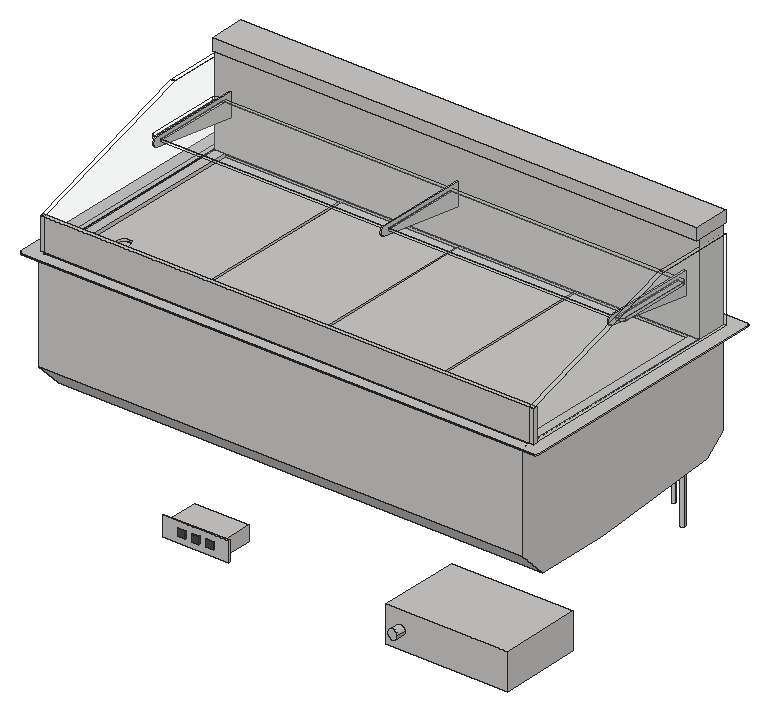
Revit family "QF_ELECTROLUXPROFESSIONAL_341106_D13R4", category Specialty Equipment, Revit 2018
Family settings
  Round Connector Dimension = Use Diameter
  Part Type = Normal
  Work Plane-Based = No
  Always vertical = Yes
  Cut with Voids When Loaded = No
  Shared = No
  Room Calculation Point = No
Parameters (values of type "341052.rfa")
  Weight = 85.20 kg
  Watts = 0 W
  Volts = 0 V
  URL Manufacturer = ""
  URL = ""
  Steam Supply Size = 0 mm
  Steam Supply Minimum Pressure = 0.0 Pa
  Steam Supply Maximum Pressure = 0.0 Pa
  Steam Pounds per Hour = 0
  Show Clearance [instance] = yes
  Remote Electrical Box_Z [instance] = 200.00 mm
  Remote Electrical Box_Y [instance] = 500.00 mm
  Remote Electrical Box_X [instance] = 1000.00 mm
  Refrigeration Suction Line Size = 0.042 mm
  Refrigeration Liquid Line Size = 0.031 mm
  Refrigerant Compressor Remote = yes
  Manufacturer = ""
  Phase = 0
  Model = ""
  Length Actual = 1450.00 mm  # constant formula
  Item Number = ""
  Hot Water Size = 0 mm
  Height Actual = 670.00 mm  # constant formula
  HP = "0.1 HP"
  Gas Size = 0 mm
  Gas KW = 0
  Gas Input Pressure = 0 W
  Direct Waste Size = 25.4 mm
  Description = ""
  Depth Actual = 750.00 mm  # constant formula
  Cycle = 0 Hz
  Controller_Y [instance] = 500.00 mm
  Controller_1Z [instance] = 200.00 mm
  Controller_1X [instance] = 300.00 mm
  Condensate Return Size = 0 mm
  Compressed Air Volume = 0.0 L/s
  Compressed Air Size = 0 mm
  Compressed Air Pressure = 0.0 Pa
  Cold Water Size = 0 mm
  Accessory = yes
Types (2, lengths in mm): name | Volts | URL Manufacturer | URL | Manufacturer | Phase | Model | Item Number | Description | Cycle
  341052.rfa | 0 V | "" | "" | "" | 0 | "" | "" | "" | 0 Hz
  Standard | 220 V | "http://professional.electrolux.com" | "http://professional.electrolux.com" | "Electrolux Professional" | 1 | "D13R4" | "341106" | "DROP-IN REMOTE, REFRIGERATED WELL, VENTILATED, 1 REF.SHELF AND 1 NEUTRAL SHELF, 4GN" | 50 Hz
Reference planes
  plane 1 "Centro (Fronte/Retro)": y = 74.737
  plane 2: z = 0
  plane 3 "BACK": y = 449.737
  plane 4 "FRONT": y = -300.263
  plane 5 "RIGHT": x = 210.731
  plane 6 "LEFT": x = -1239.269
  plane 7: x = -514.269
  plane 8 "TOP": z = 900
  plane 9: y = 417.737
  plane 10: y = -268.263
  plane 11: x = 136.731
  plane 12: x = -1165.269
  plane 13: y = 412.237
  plane 14: y = -269.483
  plane 15: x = -1213.269
  plane 16: x = 184.731
  plane 17: z = 898
  plane 18: x = -614.269
  plane 19: x = 85.731
  plane 20: x = -602.269
  plane 21: x = 73.731
  plane 22: x = -517.269
  plane 23: x = -511.269
  plane 24: x = -1205.269
  plane 25: x = 176.731
  plane 26: z = 554
  plane 27: z = 220
  plane 28: z = 1041
  plane 29: z = 1049
  plane 30: y = 308.954
  plane 31: y = 83.954
  plane 32: x = -1175.269
  plane 33: x = 146.731
  plane 34: x = -1153.269
  plane 35: x = -1149.269
  plane 36: x = 120.731
  plane 37: x = 124.731
  plane 38: x = -516.269
  plane 39: x = -512.269
  plane 40: x = -516.269
  plane 41: x = -512.269
  plane 42: y = -195.263
  plane 43: y = 344.737
  plane 44: x = 164.231
  plane 45: x = -1192.769
  plane 46 "1": y = -109.263
  plane 47: x = -939.269
  plane 48: x = -239.269
  plane 49: y = -50.263
  plane 50: y = -50.263
  plane 51: z = 200
  plane 52: z = 200
Forms (mm)
  Extrusion 1, solid, material "QF_Finishes_Stainless Steel"
    sketch origin (0, 0, 900) x (-1, 0, 0) y (0, -1, 0)
      loop
        arc (1229.269, -449.737) -> (1236.34, -446.808) -> (1239.269, -439.737) r 10
        line (1239.269, -439.737) -> (1239.269, 290.263)
        arc (1239.269, 290.263) -> (1236.34, 297.334) -> (1229.269, 300.263) r 10
        line (1229.269, 300.263) -> (-200.731, 300.263)
        arc (-200.731, 300.263) -> (-207.802, 297.334) -> (-210.731, 290.263) r 10
        line (-210.731, 290.263) -> (-210.731, -439.737)
        arc (-210.731, -439.737) -> (-207.802, -446.808) -> (-200.731, -449.737) r 10
        line (-200.731, -449.737) -> (1229.269, -449.737)
      loop
        line (1192.769, -412.237) -> (1192.769, 269.483) -> (-164.231, 269.483) -> (-164.231, -412.237) -> (1192.769, -412.237)
    from 0 to -2
  Extrusion 2, solid, material "QF_Finishes_Stainless Steel"
    sketch origin (231.731, 362.737, 0) x (0, -1, 0) y (0, 0, -1)
      loop
        line (650.5, -623.82) -> (580.68, -554) -> (371.981, -554) -> (6.32, -585.991) -> (-49.5, -632.83) -> (-49.5, -898) -> (650.5, -898) -> (650.5, -623.82)
    from -1424.5 to -67.5
  Extrusion 3, solid, material "QF_Finishes_Stainless Steel"
    sketch origin (231.731, 362.737, 0) x (0, -1, 0) y (0, 0, -1)
      loop
        line (-48.737, -1150.8) -> (32.063, -1150.8) -> (32.063, -898) -> (-48.737, -898) -> (-48.737, -1150.8)
    from -1424.5 to -67.5
  Extrusion 4, void
    sketch origin (0, 0, 900) x (-1, 0, 0) y (0, -1, 0)
      loop
        line (1165.269, 205.526) -> (-136.731, 205.526) -> (-136.731, -330.674) -> (1165.269, -330.674) -> (1165.269, 205.526)
    from 0 to -15
  Extrusion 5, solid, material "QF_Finishes_Stainless Steel"
    sketch origin (231.731, 362.737, 0) x (0, -1, 0) y (0, 0, -1)
      loop
        line (41.663, -1182.5) -> (41.663, -1150.8) -> (-58.337, -1150.8) -> (-58.337, -1182.5) -> (41.663, -1182.5)
    from -1424.5 to -67.5
  Extrusion 6, solid, material "QF_Finishes_Glass"
    sketch origin (231.731, 362.737, 0) x (0, -1, 0) y (0, 0, -1)
      loop
        line (628.263, -989.8) -> (628.263, -900) -> (-48.737, -900) -> (-48.737, -1130.8) -> (171.263, -1130.8) -> (628.263, -989.8)
    from -67.5 to -55
  Extrusion 7, solid, material "QF_Finishes_Glass"
    sketch origin (-1260.269, 362.737, 0) x (0, -1, 0) y (0, 0, 1)
      loop
        line (628.263, 989.8) -> (171.263, 1130.8) -> (-48.737, 1130.8) -> (-48.737, 900) -> (628.263, 900) -> (628.263, 989.8)
    from -67.5 to -55
  Extrusion 8, solid, material "QF_Finishes_Stainless Steel"
    sketch origin (231.731, 362.737, 0) x (0, -1, 0) y (0, 0, -1)
      loop
        line (628.263, -900) -> (618.263, -900) -> (618.263, -989.8) -> (628.263, -989.8) -> (628.263, -900)
    from -1437 to -55
  Extrusion 9, solid, material "QF_Finishes_Stainless Steel"
    sketch origin (231.731, 362.737, 0) x (0, -1, 0) y (0, 0, -1)
      loop
        line (32.063, -1057) -> (288, -1057)
        arc (288, -1057) -> (300, -1045) -> (288, -1033) r 12
        line (288, -1033) -> (32.063, -992.464) -> (32.063, -1057)
      loop
        line (278.825, -1049) -> (278.825, -1041) -> (53.8, -1041) -> (53.8, -1049) -> (278.825, -1049)
    from -111 to -107
  Extrusion 10, solid, material "QF_Finishes_Stainless Steel"
    sketch origin (-392.269, 362.737, 0) x (0, -1, 0) y (0, 0, -1)
      loop
        line (32.063, -1057) -> (288, -1057)
        arc (288, -1057) -> (300, -1045) -> (288, -1033) r 12
        line (288, -1033) -> (32.063, -992.464) -> (32.063, -1057)
      loop
        line (278.825, -1049) -> (278.825, -1041) -> (53.8, -1041) -> (53.8, -1049) -> (278.825, -1049)
    from -761 to -757
  Extrusion 11, solid, material "QF_Finishes_Stainless Steel"
    sketch origin (79.731, 362.737, 0) x (0, -1, 0) y (0, 0, -1)
      loop
        line (32.063, -1057) -> (288, -1057)
        arc (288, -1057) -> (300, -1045) -> (288, -1033) r 12
        line (288, -1033) -> (32.063, -992.464) -> (32.063, -1057)
      loop
        line (278.825, -1049) -> (278.825, -1041) -> (53.8, -1041) -> (53.8, -1049) -> (278.825, -1049)
    from -596 to -592
  Extrusion 12, solid, material "QF_Finishes_Glass"
    sketch origin (0, 0, 0) x (-1, 0, 0) y (0, -1, 0)
      loop
        arc (1165.296, -308.938) -> (1172.348, -306.017) -> (1175.269, -298.965) r 9.972
        line (1175.269, -298.965) -> (1175.269, -93.97)
        arc (1175.269, -93.97) -> (1172.323, -86.858) -> (1165.21, -83.912) r 10.058
        line (1165.21, -83.912) -> (-136.732, -83.954)
        arc (-136.732, -83.954) -> (-143.803, -86.883) -> (-146.731, -93.954) r 10
        line (-146.731, -93.954) -> (-146.731, -298.954)
        arc (-146.731, -298.954) -> (-144.003, -305.819) -> (-137.306, -308.938) r 10
        line (-137.306, -308.938) -> (1165.296, -308.938)
    from 1041 to 1049
  Extrusion 13, solid, material "QF_Finishes_Stainless Steel"
    sketch origin (0, -25.263, 900) x (-1, 0, 0) y (0, -1, 0)
      loop
        line (844.269, -354.737) -> (1165.269, -354.737) -> (1165.269, 180.263) -> (844.269, 180.263) -> (844.269, -354.737)
    from -15 to -10
  Extrusion 14, solid, material "QF_Finishes_Stainless Steel"
    sketch origin (-1028.537, -25.263, 900) x (1, 0, 0) y (0, 1, 0)
      loop
        line (844.269, 354.737) -> (844.269, -180.263) -> (1165.269, -180.263) -> (1165.269, 354.737) -> (844.269, 354.737)
    from -15 to -10
  Extrusion 15, solid, material "QF_Finishes_Stainless Steel"
    sketch origin (327.813, -25.263, 900) x (-1, 0, 0) y (0, -1, 0)
      loop
        line (518.082, -354.737) -> (839.082, -354.737) -> (839.082, 180.263) -> (518.082, 180.263) -> (518.082, -354.737)
    from -15 to -10
  Extrusion 16, solid, material "QF_Finishes_Stainless Steel"
    sketch origin (-1683.757, -25.263, 900) x (1, 0, 0) y (0, 1, 0)
      loop
        line (845.489, 354.737) -> (845.489, -180.263) -> (1166.489, -180.263) -> (1166.489, 354.737) -> (845.489, 354.737)
    from -15 to -10
  Sweep 17, solid, material "QF_Finishes_Stainless Steel"
    path origin (-2192.547, -109.263, 0) x (-1, 0, 0) y (0, 0, 1)
      loop
        line (-1096.274, 554) -> (-1096.274, 501) -> (-1049.269, 501)
    profile origin (-1096.274, -109.263, 527.5) x (0, 1, 0) y (-1, 0, 0)
      loop
        circle (0, 0) r 18
  Extrusion 18, void
    sketch origin (0, 0, 900) x (-1, 0, 0) y (0, -1, 0)
      loop
        circle (1096.274, 109.263) r 18
    from -15 to 0
  Extrusion 19, solid, material "QF_Finishes_Stainless Steel"
    sketch origin (325, 0, 0) x (-1, 0, 0) y (0, -1, 0)
      loop
        circle (239.269, -369.737) r 6.35
    from 632.609 to 386
  Extrusion 20, solid, material "QF_Finishes_Stainless Steel"
    sketch origin (325, 0, 0) x (-1, 0, 0) y (0, -1, 0)
      loop
        circle (264.269, -369.737) r 4.76
    from 632.609 to 436
Cuts and joins
  Extrusion 4 cuts Extrusion 3
  Extrusion 4 cuts Extrusion 2
  Extrusion 18 cuts Extrusion 13
Lines and regions (mm)
  symbolic lines
    curve 1: line (200.731, 449.737, 900) -> (-1229.269, 449.737, 900)
    curve 2: arc (-1229.269, 449.737, 900) -> (-1236.34, 446.808, 900) -> (-1239.269, 439.737, 900) r 10
    curve 3: line (-1239.269, 439.737, 900) -> (-1239.269, -290.263, 900)
    curve 4: arc (-1239.269, -290.263, 900) -> (-1236.34, -297.334, 900) -> (-1229.269, -300.263, 900) r 10
    curve 5: line (-1229.269, -300.263, 900) -> (200.731, -300.263, 900)
    curve 6: arc (200.731, -300.263, 900) -> (207.802, -297.334, 900) -> (210.731, -290.263, 900) r 10
    curve 7: line (210.731, -290.263, 900) -> (210.731, 439.737, 900)
    curve 8: arc (210.731, 439.737, 900) -> (207.802, 446.808, 900) -> (200.731, 449.737, 900) r 10
    curve 9: line (184.731, 421.074, 900) -> (184.731, -269.483, 900)
    curve 10: line (184.731, -269.483, 900) -> (-1213.269, -269.483, 900)
    curve 11: line (-1213.269, -269.483, 900) -> (-1213.269, 421.074, 900)
    curve 12: line (184.731, 421.074, 900) -> (-1213.269, 421.074, 900)
    curve 13: line (-1213.269, 321.074, 900) -> (184.731, 321.074, 900)
    curve 14: line (176.731, -205.526, 900) -> (-1205.269, -205.526, 900)
    curve 15: line (176.731, -255.526, 900) -> (-1205.269, -255.526, 900)
    curve 16: line (-1213.269, -265.526, 900) -> (184.731, -265.526, 900)
    curve 17: line (-844.269, -205.526, 900) -> (-844.269, 83.912, 900)
    curve 18: line (-838.269, 83.912, 900) -> (-838.269, -205.526, 900)
    curve 19: line (-1205.269, 321.074, 900) -> (-1205.269, -265.526, 900)
    curve 20: line (176.731, -265.526, 900) -> (176.731, 321.074, 900)
    curve 21: line (-1153.269, 321.074, 900) -> (-1153.269, 62.737, 900)
    curve 22: line (-1149.269, 321.074, 900) -> (-1149.269, 62.737, 900)
    curve 23: line (-1153.269, 62.737, 900) -> (-1149.269, 62.737, 900)
    curve 24: line (120.731, 321.074, 900) -> (120.731, 62.737, 900)
    curve 25: line (120.731, 62.737, 900) -> (124.731, 62.737, 900)
    curve 26: line (124.731, 62.737, 900) -> (124.731, 321.074, 900)
    curve 27: line (120.731, 308.938, 900) -> (-512.269, 308.938, 900)
    curve 28: line (-516.269, 321.074, 900) -> (-516.269, 62.737, 900)
    curve 29: line (-512.269, 321.074, 900) -> (-512.269, 62.737, 900)
    curve 30: line (-516.269, 62.737, 900) -> (-512.269, 62.737, 900)
    curve 31: line (-516.269, 321.074, 900) -> (-516.269, 62.737, 900)
    curve 32: line (-512.269, 321.074, 900) -> (-512.269, 62.737, 900)
    curve 33: line (-516.269, 62.737, 900) -> (-512.269, 62.737, 900)
    curve 34: line (-1165.269, -205.526, 900) -> (-1165.269, 84.474, 900)
    curve 35: line (-1149.269, 83.912, 900) -> (-516.269, 83.912, 900)
    curve 36: line (-512.269, 83.912, 900) -> (120.731, 83.912, 900)
    curve 37: line (-516.269, 308.938, 900) -> (-1149.269, 308.938, 900)
    curve 38: line (-190.269, -205.526, 900) -> (-190.269, 83.912, 900)
    curve 39: line (-184.269, 83.912, 900) -> (-184.269, -205.526, 900)
    curve 40: line (124.731, 308.938, 900) -> (136.731, 308.938, 900)
    curve 41: line (-190.269, 308.938, 900) -> (-190.269, 321.074, 900)
    curve 42: line (-184.269, 308.938, 900) -> (-184.269, 321.074, 900)
    curve 43: line (-844.269, 321.074, 900) -> (-844.269, 308.938, 900)
    curve 44: line (-838.269, 321.074, 900) -> (-838.269, 308.938, 900)
    curve 45: arc (146.731, 298.954, 900) -> (144.003, 305.819, 900) -> (137.306, 308.938, 900) r 10
    curve 46: line (146.731, 93.954, 900) -> (146.731, 298.954, 900)
    curve 47: arc (136.731, 83.954, 900) -> (143.802, 86.883, 900) -> (146.731, 93.954, 900) r 10
    curve 48: arc (-1175.269, 93.97, 900) -> (-1172.323, 86.858, 900) -> (-1165.211, 83.912, 900) r 10.058
    curve 49: line (-1175.269, 298.965, 900) -> (-1175.269, 93.97, 900)
    curve 50: arc (-1165.296, 308.938, 900) -> (-1172.348, 306.017, 900) -> (-1175.269, 298.965, 900) r 9.972
    curve 51: line (-1165.296, 308.938, 900) -> (-1153.269, 308.938, 900)
    curve 52: line (-1165.211, 83.912, 900) -> (-1153.269, 83.912, 900)
    curve 53: line (136.731, 83.954, 900) -> (124.731, 83.954, 900)
    curve 54: line (136.731, -205.526, 900) -> (136.731, 84.474, 900)
    curve 55: line (136.731, 321.074, 900) -> (136.731, 308.938, 900)
    curve 56: line (-1165.296, 308.938, 900) -> (-1165.296, 321.074, 900)
    curve 57: line (-517.269, -205.526, 900) -> (-517.269, 83.912, 900)
    curve 58: line (-511.269, 83.912, 900) -> (-511.269, -205.526, 900)
    curve 59: line (-517.269, 308.938, 900) -> (-517.269, 321.074, 900)
    curve 60: line (-511.269, 308.938, 900) -> (-511.269, 321.074, 900)
    curve 64: arc (-1114.274, -109.263, 900) -> (-1096.274, -91.263, 900) -> (-1078.274, -109.263, 900) r 18
    curve 65: arc (-1078.274, -109.263, 900) -> (-1096.274, -127.263, 900) -> (-1114.274, -109.263, 900) r 18
  symbolic lines, style "SpecialityEquipmentHiddenLines"
    curve 61: line (-1192.769, -287.763, 900) -> (164.231, -287.763, 900)
    curve 62: line (-1192.769, 411.474, 900) -> (-1192.769, -287.763, 900)
    curve 63: line (164.231, -287.763, 900) -> (164.231, 411.474, 900)
    curve 66: line (-1192.769, -287.763, 900) -> (164.231, -287.763, 900)
    curve 67: line (-1192.769, 412.237, 900) -> (-1192.769, -287.763, 900)
    curve 68: line (164.231, 412.237, 900) -> (-1192.769, 412.237, 900)
    curve 69: line (164.231, -287.763, 900) -> (164.231, 412.237, 900)
    curve 70: line (-614.269, 344.737, 900) -> (85.731, 344.737, 900)
    curve 71: line (-614.269, -195.263, 900) -> (-614.269, 344.737, 900)
    curve 72: line (85.731, -195.263, 900) -> (-614.269, -195.263, 900)
    curve 73: line (85.731, 344.737, 900) -> (85.731, -195.263, 900)
Dimensions and locks
  plane 6 "LEFT" to plane 5 "RIGHT" = 1450.00 mm
  equal spacing: plane 3 "BACK", plane 1 "Centro (Fronte/Retro)", plane 4 "FRONT"
  plane 3 "BACK" to plane 4 "FRONT" = 750.00 mm
  equal spacing: plane 6 "LEFT", plane 7, plane 5 "RIGHT"
  locked: plane 8 "TOP" to plane 2 at 900
  locked: plane 6 "LEFT" to plane 12 at 74
  locked: plane 11 to plane 5 "RIGHT" at 74
  locked: plane 3 "BACK" to plane 9 at 32
  locked: plane 10 to plane 4 "FRONT" at 32
  locked: plane 3 "BACK" to plane 13 at 37.5
  locked: plane 14 to plane 4 "FRONT" at 30.78
  locked: plane 6 "LEFT" to plane 15 at 26
  locked: plane 16 to plane 5 "RIGHT" at 26
  locked: plane 8 "TOP" to plane 17 at 2
  plane 19 to plane 18 = 700.00 mm  (x2)
  locked: plane 20 to plane 18 at 12
  locked: plane 19 to plane 21 at 12
  locked: plane 22 to plane 23 at 6
  locked: plane 15 to plane 24 at 8
  locked: plane 25 to plane 16 at 8
  plane 19 to plane 7 to plane 18 = 600.00 mm, 100.00 mm
  plane 8 "TOP" to plane 26 = 346.00 mm
  plane 28 to plane 8 "TOP" = 141.00 mm
  locked: plane 29 to plane 28 at 8
  plane 32 to plane 33 = 1322.00 mm
  equal spacing: plane 32, plane 7, plane 33
  plane 24 to plane 32 = 30.00 mm
  plane 33 to plane 25 = 30.00 mm
  locked: plane 34 to plane 35 at 4
  locked: plane 38 to plane 39 at 4
  locked: plane 36 to plane 37 at 4
  locked: plane 40 to plane 41 at 4
  plane 5 "RIGHT" to plane 19 = 125.00 mm  (x2)
  plane 8 "TOP" to plane 27 = 680.00 mm
  plane 26 to plane 27 = 334.00 mm
  equal spacing: plane 42, plane 1 "Centro (Fronte/Retro)", plane 43
  plane 42 to plane 43 = 540.00 mm
  plane 43 to plane 42 = 540.00 mm
  plane 44 to plane 45 = 1357.00 mm
  equal spacing: plane 45, plane 7, plane 44
  Extrusion 5 to plane 27 = 962.50 mm
  plane 5 "RIGHT" to cut or joined group of Extrusion 2, Extrusion 4 = 46.50 mm
  plane 6 "LEFT" to cut or joined group of Extrusion 2, Extrusion 4 = 46.50 mm
  "Controller_Y": plane 3 "BACK" to plane 50
  "Remote Electrical Box_Y": plane 3 "BACK" to plane 49
  "Controller_1X": plane 6 "LEFT" to plane 47
  "Remote Electrical Box_X": plane 6 "LEFT" to plane 48
  "Controller_1Z": plane 51 to plane 2
  "Remote Electrical Box_Z": plane 52 to plane 2
  aligned and locked: level to plane 2
  aligned and locked: Extrusion 1 sketch curve to plane 3 "BACK"
  aligned and locked: plane 6 "LEFT" to Extrusion 1 sketch curve
  aligned and locked: plane 4 "FRONT" to Extrusion 1 sketch curve
  aligned and locked: Extrusion 1 sketch curve to plane 5 "RIGHT"
  aligned and locked: Extrusion 1 sketch curve to plane 13
  aligned and locked: Extrusion 1 sketch curve to plane 14
  aligned and locked: Extrusion 1 to plane 17
  aligned and locked: Extrusion 1 to Extrusion 2 sketch curve
  aligned and locked: Extrusion 4 sketch curve to cut or joined group of Extrusion 3, Extrusion 4
  aligned and locked: Extrusion 1 to Extrusion 3
  aligned and locked: Extrusion 6 to plane 25
  aligned and locked: Extrusion 4 sketch curve to plane 12
  aligned and locked: plane 11 to Extrusion 4 sketch curve
  aligned and locked: plane 24 to Extrusion 7
  aligned and locked: Extrusion 8 to plane 24
  aligned and locked: plane 25 to Extrusion 8
  aligned and locked: Extrusion 10 to plane 34
  aligned and locked: plane 37 to Extrusion 9
  aligned and locked: Extrusion 9 to plane 36
  aligned and locked: plane 35 to Extrusion 10
  aligned and locked: Extrusion 11 to plane 40
  aligned and locked: plane 41 to Extrusion 11
  aligned and locked: Extrusion 12 to plane 28
  aligned and locked: plane 29 to Extrusion 12
  aligned and locked: Extrusion 12 sketch curve to plane 32
  aligned and locked: Extrusion 12 sketch curve to plane 33
  aligned and locked: plane 47 to nested 1
  aligned and locked: plane 48 to nested 2
  aligned and locked: plane 49 to nested 2
  aligned and locked: plane 50 to nested 1
  aligned and locked: plane 52 to nested 2
  aligned and locked: nested 1 to plane 51
Automatic sketch dimensions
  Extrusion 1 sketch curve to plane 5 "RIGHT" = 10.00 mm
  Extrusion 1 sketch curve to plane 3 "BACK" = 10.00 mm  (x2)
  Extrusion 1 sketch curve to Extrusion 1 sketch curve = 10.00 mm
  Extrusion 12 sketch curve to plane 11 = 0.00 mm  (x2)
  Extrusion 12 sketch curve to plane 30 = 0.017 mm
  plane 11 to Extrusion 12 sketch curve = 0.574 mm
  plane 11 to Extrusion 12 sketch curve = 0.00 mm
  Extrusion 12 sketch curve to plane 31 = 0.042 mm
  plane 12 to Extrusion 12 sketch curve = 0.058 mm  (x2)
  Extrusion 12 sketch curve to plane 12 = 0.028 mm
  plane 31 to Extrusion 12 sketch curve = 10.00 mm
  Extrusion 2 sketch curve to plane 26 = 0.00 mm
  plane 13 to Extrusion 2 sketch curve = 0.00 mm
  plane 30 to Extrusion 2 sketch curve = 47.463 mm
  plane 1 "Centro (Fronte/Retro)" to Extrusion 2 sketch curve = 83.981 mm
  plane 4 "FRONT" to Extrusion 2 sketch curve = 12.50 mm
  plane 26 to Extrusion 2 sketch curve = 78.83 mm
  plane 26 to Extrusion 2 sketch curve = 69.82 mm
  plane 26 to Extrusion 2 sketch curve = 31.991 mm
  Extrusion 3 sketch curve to plane 17 = 0.00 mm
  Extrusion 3 sketch curve to plane 13 = 0.763 mm
  plane 30 to Extrusion 3 sketch curve = 21.72 mm
  plane 29 to Extrusion 3 sketch curve = 101.80 mm
  plane 9 to Extrusion 5 sketch curve = 3.337 mm
  plane 30 to Extrusion 5 sketch curve = 12.12 mm
  plane 29 to Extrusion 5 sketch curve = 133.50 mm
  Extrusion 5 sketch curve to Extrusion 5 sketch curve = 31.70 mm
  Extrusion 6 sketch curve to plane 8 "TOP" = 0.00 mm
  Extrusion 6 sketch curve to plane 13 = 0.763 mm
  plane 31 to Extrusion 6 sketch curve = 107.52 mm
  plane 10 to Extrusion 6 sketch curve = 2.737 mm
  Extrusion 6 sketch curve to plane 28 = 51.20 mm
  plane 29 to Extrusion 6 sketch curve = 81.80 mm
  Extrusion 7 sketch curve to plane 8 "TOP" = 0.00 mm
  Extrusion 7 sketch curve to plane 13 = 0.763 mm
  plane 31 to Extrusion 7 sketch curve = 107.52 mm
  plane 10 to Extrusion 7 sketch curve = 2.737 mm
  Extrusion 7 sketch curve to plane 28 = 51.20 mm
  plane 29 to Extrusion 7 sketch curve = 81.80 mm
  Extrusion 8 sketch curve to plane 8 "TOP" = 0.00 mm
  plane 10 to Extrusion 8 sketch curve = 12.737 mm
  plane 10 to Extrusion 8 sketch curve = 2.737 mm
  Extrusion 8 sketch curve to plane 28 = 51.20 mm
  Extrusion 9 sketch curve to plane 28 = 0.00 mm
  Extrusion 9 sketch curve to plane 29 = 0.00 mm
  Extrusion 9 sketch curve to plane 1 "Centro (Fronte/Retro)" = 0.00 mm
  Extrusion 9 sketch curve to plane 31 = 0.042 mm
  Extrusion 9 sketch curve to plane 30 = 0.017 mm
  plane 29 to Extrusion 9 sketch curve = 8.00 mm
  plane 30 to Extrusion 9 sketch curve = 21.72 mm
  plane 28 to Extrusion 9 sketch curve = 4.00 mm
  Extrusion 9 sketch curve to plane 28 = 48.536 mm
  Extrusion 10 sketch curve to plane 28 = 0.00 mm
  Extrusion 10 sketch curve to plane 29 = 0.00 mm
  Extrusion 10 sketch curve to plane 1 "Centro (Fronte/Retro)" = 0.00 mm
  Extrusion 10 sketch curve to plane 31 = 0.042 mm
  Extrusion 10 sketch curve to plane 30 = 0.017 mm
  plane 29 to Extrusion 10 sketch curve = 8.00 mm
  plane 30 to Extrusion 10 sketch curve = 21.72 mm
  plane 28 to Extrusion 10 sketch curve = 4.00 mm
  Extrusion 10 sketch curve to plane 28 = 48.536 mm
  Extrusion 11 sketch curve to plane 28 = 0.00 mm
  Extrusion 11 sketch curve to plane 29 = 0.00 mm
  Extrusion 11 sketch curve to plane 1 "Centro (Fronte/Retro)" = 0.00 mm
  Extrusion 11 sketch curve to plane 31 = 0.042 mm
  Extrusion 11 sketch curve to plane 30 = 0.017 mm
  plane 29 to Extrusion 11 sketch curve = 8.00 mm
  plane 30 to Extrusion 11 sketch curve = 21.72 mm
  plane 28 to Extrusion 11 sketch curve = 4.00 mm
  Extrusion 11 sketch curve to plane 28 = 48.536 mm
  Extrusion 13 sketch curve to plane 12 = 0.00 mm
  plane 30 to Extrusion 13 sketch curve = 20.52 mm
  Extrusion 13 sketch curve to plane 18 = 230.00 mm
  plane 10 to Extrusion 2 sketch curve = 50.32 mm
  plane 10 to Extrusion 4 sketch curve = 62.737 mm
  plane 10 to Extrusion 13 sketch curve = 62.737 mm
  plane 45 to Extrusion 1 sketch curve = 0.00 mm
  Extrusion 1 sketch curve to plane 44 = 0.00 mm
  Extrusion 14 sketch curve to plane 11 = 0.00 mm
  plane 43 to Extrusion 14 sketch curve = 15.263 mm
  plane 21 to Extrusion 14 sketch curve = 258.00 mm
  plane 42 to Extrusion 14 sketch curve = 10.263 mm
  Extrusion 15 sketch curve to plane 42 = 10.263 mm
  Extrusion 15 sketch curve to plane 21 = 264.00 mm
  plane 23 to Extrusion 15 sketch curve = 0.00 mm
  Extrusion 15 sketch curve to plane 43 = 15.263 mm
  Extrusion 16 sketch curve to plane 22 = 0.00 mm
  plane 43 to Extrusion 16 sketch curve = 15.263 mm
  plane 18 to Extrusion 16 sketch curve = 224.00 mm
  plane 42 to Extrusion 16 sketch curve = 10.263 mm
  Extrusion 18 sketch curve to Extrusion 18 sketch curve = 0.00 mm  (x2)
  plane 46 "1" to Extrusion 18 sketch curve = 0.00 mm
  plane 35 to Extrusion 18 sketch curve = 52.995 mm
  Extrusion 18 sketch curve to plane 46 "1" = 18.00 mm
  curve 64 to curve 65 = 0.00 mm  (x2)
  curve 8 to plane 5 "RIGHT" = 0.00 mm
  curve 1 to plane 3 "BACK" = 0.00 mm
  curve 5 to plane 4 "FRONT" = 0.00 mm
  curve 9 to plane 16 = 0.00 mm
  curve 14 to plane 25 = 0.00 mm
  curve 66 to plane 44 = 0.00 mm
  curve 45 to plane 33 = 0.00 mm
  curve 54 to plane 11 = 0.00 mm
  curve 47 to plane 11 = 0.00 mm
  curve 40 to plane 11 = 0.00 mm
  curve 45 to plane 11 = 0.00 mm
  curve 53 to plane 37 = 0.00 mm
  curve 73 to plane 19 = 0.00 mm
  curve 60 to plane 23 = 0.00 mm
  curve 58 to plane 23 = 0.00 mm
  curve 27 to plane 39 = 0.00 mm
  curve 35 to plane 38 = 0.00 mm
  curve 59 to plane 22 = 0.00 mm
  curve 57 to plane 22 = 0.00 mm
  curve 70 to plane 18 = 0.00 mm
  plane 46 "1" to curve 64 = 0.00 mm
  curve 52 to plane 34 = 0.00 mm
  curve 34 to plane 12 = 0.00 mm
  curve 49 to plane 32 = 0.00 mm
  curve 62 to plane 45 = 0.00 mm
  curve 15 to plane 24 = 0.00 mm
  curve 11 to plane 15 = 0.00 mm
  curve 3 to plane 6 "LEFT" = 0.00 mm
  curve 73 to plane 43 = 0.00 mm
  curve 73 to plane 42 = 0.00 mm
  plane 14 to curve 10 = 0.00 mm
  curve 1 to plane 5 "RIGHT" = 10.00 mm
  plane 4 "FRONT" to curve 6 = 10.00 mm
  curve 25 to plane 36 = 0.00 mm
  plane 39 to curve 32 = 0.00 mm
  plane 35 to curve 65 = 52.995 mm
  plane 35 to curve 23 = 0.00 mm
  plane 12 to curve 48 = 0.058 mm
  curve 51 to plane 12 = 0.028 mm
  plane 6 "LEFT" to curve 5 = 10.00 mm
  curve 2 to curve 2 = 10.00 mm
  plane 9 to curve 12 = 3.337 mm
  plane 13 to curve 68 = 0.00 mm
  curve 40 to plane 30 = 0.017 mm
  curve 51 to plane 30 = 0.017 mm
  curve 40 to curve 45 = 9.983 mm
  plane 31 to curve 49 = 10.016 mm
  plane 31 to curve 46 = 10.00 mm
  plane 1 "Centro (Fronte/Retro)" to curve 28 = 12.00 mm
  plane 1 "Centro (Fronte/Retro)" to curve 21 = 12.00 mm
  plane 1 "Centro (Fronte/Retro)" to curve 24 = 12.00 mm
  plane 4 "FRONT" to curve 63 = 12.50 mm
  curve 45 to plane 30 = 0.017 mm
  curve 39 to plane 31 = 0.042 mm
  curve 39 to plane 48 = 55.00 mm
  plane 30 to curve 42 = 12.12 mm
  curve 42 to plane 48 = 55.00 mm
  curve 41 to plane 30 = 0.017 mm
  curve 42 to curve 41 = 6.00 mm
  curve 39 to curve 38 = 6.00 mm
  curve 44 to plane 30 = 0.017 mm
  curve 44 to plane 47 = 101.00 mm
  curve 18 to plane 42 = 10.263 mm
  curve 18 to plane 47 = 101.00 mm
  curve 17 to plane 31 = 0.042 mm
  curve 18 to curve 17 = 6.00 mm
  curve 44 to curve 43 = 6.00 mm
  curve 64 to curve 64 = 18.00 mm
  curve 62 to plane 13 = 0.763 mm
  curve 63 to plane 13 = 0.763 mm
  plane 31 to curve 34 = 0.52 mm
  curve 54 to curve 47 = 0.519 mm
  plane 10 to curve 15 = 12.737 mm
  plane 10 to curve 16 = 2.737 mm
  Sweep 17 sketch curve to plane 26 = 0.00 mm
  plane 35 to Sweep 17 sketch curve = 52.995 mm
  Sweep 17 sketch curve to Sweep 17 sketch curve = 53.00 mm
  plane 35 to Sweep 17 sketch curve = 5.99 mm
  Sweep 17 sketch curve to profile plane = 0.00 mm  (x2)
  Extrusion 19 sketch curve to plane 19 = 0.00 mm
  plane 43 to Extrusion 19 sketch curve = 25.00 mm
  Extrusion 20 sketch curve to plane 21 = 13.00 mm
  plane 43 to Extrusion 20 sketch curve = 25.00 mm
  radius of Sweep 17 sketch curve = 18.00 mm
  radius of Extrusion 19 sketch curve = 6.35 mm
  radius of Extrusion 20 sketch curve = 4.76 mm
Nested families
  nested 1: "Controller" at (-939.269, -50.263, 200), type "Controller"
  nested 2: "Remote_Electrical_Box" at (-239.269, 64.737, 100), type "Remote_Electrical_Box"
  nested 3: "Refrigerator" at (30.731, -110.263, 900), type "Refrigerator"
Connectors
  piping at (-1143.279, -109.263, 501), diameter 36
    settings: on Sweep 17, index 1, connector inside diameter 609.6 mm, connector length 0.00 mm, flow factor 0, pipe flow 0.0 L/s, pressure drop 0.0 Pa, fitting loss kfactor 0, connector angle 0.00°, fixture units 0, engagement length 0.00 mm, angle of deflection 0.00°, flow configuration 1, flow direction 1, fitting loss method 0, system type 16, joint type 0, gender type 0, connector reference index -1, connector utility 0, adjustable connector no, is connector primary yes, connector description "drain"
  piping at (85.731, 369.737, 386), diameter 12.7
    settings: on Extrusion 19, index 2, connector inside diameter 609.6 mm, connector length 0.00 mm, flow factor 0, pipe flow 0.0 L/s, pressure drop 0.0 Pa, fitting loss kfactor 0, connector angle 0.00°, fixture units 0, engagement length 0.00 mm, angle of deflection 0.00°, flow configuration 0, flow direction 0, fitting loss method 0, system type 22, joint type 0, gender type 0, connector reference index -1, connector utility 0, adjustable connector no, is connector primary no, connector description ""
  piping at (60.731, 369.737, 436), diameter 9.2
    settings: on Extrusion 20, index 3, connector inside diameter 609.6 mm, connector length 0.00 mm, flow factor 0, pipe flow 0.0 L/s, pressure drop 0.0 Pa, fitting loss kfactor 0, connector angle 0.00°, fixture units 0, engagement length 0.00 mm, angle of deflection 0.00°, flow configuration 0, flow direction 0, fitting loss method 0, system type 22, joint type 0, gender type 0, connector reference index -1, connector utility 0, adjustable connector no, is connector primary no, connector description ""
Definition of nested family "Controller"
  Reference planes
    plane 1 "Center (Front/Back)": y = 0
    plane 2: z = 0
    plane 3 "Center (Left/Right)": x = 0
  Forms (mm)
    Extrusion 1, solid
      sketch origin (0, 44.769, -48.2) x (1, 0, 0) y (0, 1, 0)
        loop
          line (-76, 43.231) -> (-76, -47.65) -> (76, -47.65) -> (76, 43.231) -> (-76, 43.231)
      from 6.2 to 48.2
    Extrusion 2, solid
      sketch origin (0, 44.769, -48.2) x (1, 0, 0) y (0, 0, 1)
        loop
          line (-92.25, 54.4) -> (-92.25, 0) -> (92.25, 0) -> (92.25, 54.4) -> (-92.25, 54.4)
        loop
          line (-76, 48.2) -> (-76, 6.2) -> (76, 6.2) -> (76, 48.2) -> (-76, 48.2)
      from 44.769 to 47.65
    Extrusion 3, solid
      sketch origin (76, -2.881, -48.2) x (-1, 0, 0) y (0, 0, -1)
        loop
          line (106, -37.2) -> (126, -37.2) -> (126, -17.2) -> (106, -17.2) -> (106, -37.2)
        loop
          line (66, -37.2) -> (86, -37.2) -> (86, -17.2) -> (66, -17.2) -> (66, -37.2)
        loop
          line (26, -37.2) -> (46, -37.2) -> (46, -17.2) -> (26, -17.2) -> (26, -37.2)
      from 0 to 2
    Extrusion 4, void
      sketch origin (0, 0, 0) x (1, 0, 0) y (0, 1, 0)
        loop
          line (76, 88) -> (-76, 88) -> (-76, 0) -> (76, 0) -> (76, 88)
      from 0 to -42
  Cuts and joins
    Extrusion 4 cuts Extrusion 2
    joined: Extrusion 1, Extrusion 2
  Lines and regions (mm)
    symbolic lines
      curve 1: line (-76, 88, 0) -> (-76, 0, 0)
      curve 2: line (76, 88, 0) -> (-76, 88, 0)
      curve 3: line (76, 0, 0) -> (76, 88, 0)
      curve 4: line (-92.25, -2.881, 0) -> (92.25, -2.881, 0)
      curve 5: line (-92.25, 0, 0) -> (-92.25, -2.881, 0)
      curve 6: line (92.25, 0, 0) -> (-92.25, 0, 0)
      curve 7: line (92.25, -2.881, 0) -> (92.25, 0, 0)
  Dimensions and locks
    aligned and locked: level to plane 2
Definition of nested family "Remote_Electrical_Box"
  Parameters (values of type "Remote_Electrical_Box")
    Default Elevation = 1219.20 mm
  Reference planes
    plane 1 "Center (Front/Back)": y = 0
    plane 2: z = 0
    plane 3 "Center (Left/Right)": x = 0
    plane 4: x = -170
    plane 5: x = 170
    plane 6: y = 115
    plane 7: y = -115
    plane 8: z = 100
    plane 9: z = 50
  Forms (mm)
    Extrusion 1, solid
      sketch origin (0, 0, 0) x (1, 0, 0) y (0, 1, 0)
        loop
          line (-170, 115) -> (-170, -115) -> (170, -115) -> (170, 115) -> (-170, 115)
      from 0 to 100
    Extrusion 2, solid
      sketch origin (0, 0, 0) x (1, 0, 0) y (0, 0, 1)
        loop
          circle (-130, 49.381) r 13
      from 115 to 142
  Lines and regions (mm)
    symbolic lines
      curve 1: line (-170, 115, 0) -> (170, 115, 0)
      curve 2: line (-170, -115, 0) -> (-170, 115, 0)
      curve 3: line (170, -115, 0) -> (-170, -115, 0)
      curve 4: line (170, 115, 0) -> (170, -115, 0)
      curve 5: line (-143, -142, 0) -> (-117, -142, 0)
      curve 6: line (-143, -142, 0) -> (-143, -115, 0)
      curve 7: line (-117, -142, 0) -> (-117, -115, 0)
  Dimensions and locks
    equal spacing: plane 4, plane 3 "Center (Left/Right)", plane 5
    equal spacing: plane 6, plane 1 "Center (Front/Back)", plane 7
    plane 4 to plane 5 = 340.00 mm
    plane 6 to plane 7 = 230.00 mm
    Extrusion 1 to Extrusion 2 sketch curve = 40.00 mm
    equal spacing: plane 8, plane 9, plane 2
    aligned and locked: level to plane 2
    aligned and locked: Extrusion 1 sketch curve to plane 6
    aligned and locked: plane 4 to Extrusion 1 sketch curve
    aligned and locked: plane 7 to Extrusion 1 sketch curve
    aligned and locked: Extrusion 1 sketch curve to plane 5
    aligned and locked: plane 7 to Extrusion 2
    aligned and locked: plane 8 to Extrusion 1
  Automatic sketch dimensions
    level to Extrusion 2 sketch curve = 49.381 mm
    curve 3 to plane 4 = 0.00 mm
    curve 7 to plane 7 = 0.00 mm
    curve 3 to plane 5 = 0.00 mm
    curve 2 to plane 6 = 0.00 mm
    plane 4 to curve 6 = 27.00 mm
    curve 5 to curve 6 = 27.00 mm
    curve 6 to curve 7 = 26.00 mm
    radius of Extrusion 2 sketch curve = 13.00 mm
Definition of nested family "Refrigerator"
  Reference planes
    plane 1 "Center (Front/Back)": y = 0
    plane 2: z = 0
    plane 3 "Center (Left/Right)": x = 0
  Lines and regions (mm)
    detail lines, in view "Ref. Level"
      curve 1: line (0, -60, 0) -> (0, 60, 0)
      curve 2: line (-51.962, 30, 0) -> (51.962, -30, 0)
      curve 3: line (-51.962, -30, 0) -> (51.962, 30, 0)
      curve 4: line (19.116, 56.873, 0) -> (0, 35, 0)
      curve 5: line (0, 35, 0) -> (-19.116, 56.873, 0)
      curve 6: line (-30.311, 17.5, 0) -> (-40, 45.883, 0)
      curve 7: line (-59.736, 11.7, 0) -> (-30.311, 17.5, 0)
      curve 8: line (-30.311, -17.5, 0) -> (-59.736, -11.7, 0)
      curve 9: line (-40, -45.883, 0) -> (-30.311, -17.5, 0)
      curve 10: line (0, -35, 0) -> (-19.116, -56.873, 0)
      curve 11: line (19.116, -56.873, 0) -> (0, -35, 0)
      curve 12: line (30.311, -17.5, 0) -> (39.696, -44.992, 0)
      curve 13: line (58.812, -11.882, 0) -> (30.311, -17.5, 0)
      curve 14: line (30.311, 17.5, 0) -> (58.812, 11.882, 0)
      curve 15: line (39.696, 44.992, 0) -> (30.311, 17.5, 0)
